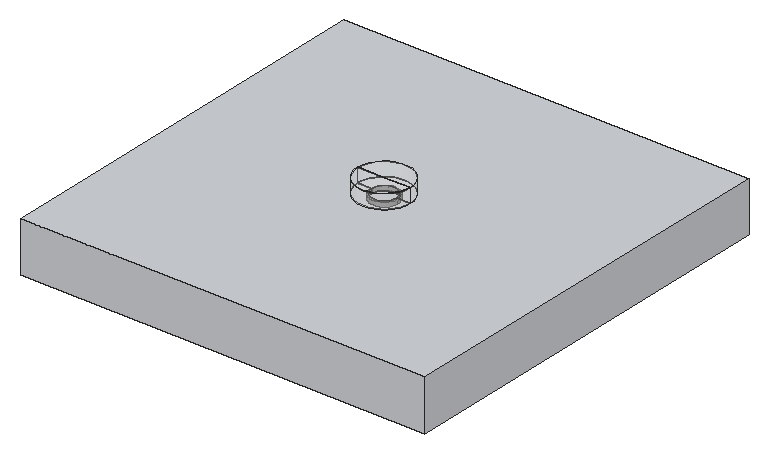
Revit family "LE_D_RE_Sicherheitsleuchte_Anbau_V1700", category Leuchten, Revit 2017
Family settings
  Basisbauteil = Fläche
  Bemaßung runder Anschluss = Durchmesser verwenden
  Teiletyp = Normal
  OmniClass-Nummer = 23.80.70.00
  OmniClass-Titel = Lighting
  Beim Laden mit Abzugskörper schneiden = Nein
  Lichtquelle = Ja
  Gemeinsam genutzt = Nein
  Raumberechnungspunkt = Nein
Parameters (values of type "Sicherheitsleuchte_LED")
  pbr_Material_KZ = ""
  pbr_Material = none
  pbr_E_Typ = ""
  pbr_E_KZ = ""
  pbr_DINBild = 0
  pbr_Bild = 0
  allgemein = no
  Zentrale [instance] = ""
  Wirkleistung [instance] = 0 W
  Wattage = 100 W
  Typ = ""
  Text3 = ""
  Text2 = ""
  Text1 = ""
  built-in parameter 1150110 = 1 (stored number, unit not read)
  built-in parameter 1150109 = 1 (stored number, unit not read)
  built-in parameter 1150134 = 4
  built-in parameter 1150113 = 1 (stored number, unit not read)
  Spannung [instance] = 0
  Scheinleistung [instance] = 0 VA
  Schaltgruppe2 [instance] = 0
  Schaltgruppe1 [instance] = 0
  Radius Lampe = 160 mm
  Planungsbüro Rohling = "www.pbr.de"
  Neigungswinkel = -90.00°
  Menge(Dosenzahl) = 1
  Linie/Anschluss [instance] = ""
  Lampentyp [instance] = ""
  LED = yes
  Kommentar zur Wattzahl [instance] = ""
  Installationsart [instance] = ""
  Info = ""
  Gewerk [instance] = "SIBEL"
  built-in parameter 1010507 = 1.5708 (stored number, unit not read)
  built-in parameter 1010506 = 0.5236 (stored number, unit not read)
  built-in parameter 1150115 = 1 (stored number, unit not read)
  built-in parameter 1150105 = 5851.2 (stored number, unit not read)
  Lastklassifizierung = Beleuchtung
  Light Source Symbol Length = 3048 mm
  built-in parameter 1150137 = 1
  built-in parameter 1150139 = (empty or 0)
  Lichtboxmaterial = Metall - Oberfläche lackiert - Dunkelgrau, matt
  built-in parameter 1150112 = 1 (stored number, unit not read)
  built-in parameter 1150114 = 1 (stored number, unit not read)
  built-in parameter 1150132 = (empty or 0)
  built-in parameter 1150102 = (empty or 0)
  built-in parameter 1150138 = (empty or 0)
  built-in parameter 1150107 = 2800 (stored number, unit not read)
  built-in parameter 1150106 = 58.512 (stored number, unit not read)
  Von Kreisdurchmesser aussenden = 248 mm  # constant formula
  Emit Shape Visible in Rendering = no
  built-in parameter 1150104 = 1.6258 (stored number, unit not read)
  Dimming Lamp Color Temperature Shift = (empty or 0)
  Diffusormaterial = Glas - Weiß, hohe Luminanz
  Lumens = 1750 lm
  built-in parameter 1114217 = 0.88 (stored number, unit not read)
  Lamp = ""
  Vorgabe-Ansicht = 1200 mm
  Color Filter = 16777215
  built-in parameter 1140040 [instance] = 1
  Spannung Vorschaltgerät = 230 V
  Phasen Vorschaltgerät = 1
  built-in parameter 1114218 = 0.88 (stored number, unit not read)
  Länge des Lichtquellensymbols = 3048 mm
  Baugruppenkennzeichen = "D5020220"
  Scheinlast = 0 VA
Types (2, lengths in mm): name | allgemein | LED
  Sicherheitsleuchte_LED | no | yes
  Sicherheitsleuchte_allg | yes | no
Reference planes
  plane 1 "Mitte (Vorne/Hinten)": y = 0
  plane 2: z = 0
  plane 3 "Mitte (Links/Rechts)": x = 0
  plane 4: z = 25.4
  plane 5: z = 114.3
  plane 6: x = -160
  plane 7: x = -156.825
  plane 8: z = 111.125
  plane 9: x = -76.2
  plane 10: x = -73.025
  plane 11: z = 28.575
Forms (mm)
  Extrusion 1, solid
    sketch origin (0, 0, 0) x (1, 0, 0) y (0, 1, 0)
      loop
        line (-1219.2, 1219.2) -> (-1219.2, -1219.2) -> (1219.2, -1219.2) -> (1219.2, 1219.2) -> (-1219.2, 1219.2)
    from 0 to -304.8
  Revolve 2, solid, material "Glas - Weiß, hohe Luminanz" <- "Diffusormaterial"
    sketch origin (0, 0, 0) x (1, 0, 0) y (0, 0, 1)
      loop
        line (0, 114.3) -> (-160, 114.3) -> (-160, 25.4) -> (-76.2, 25.4) -> (-76.2, 0) -> (-73.025, 0) -> (-73.025, 28.575) -> (-156.825, 28.575) -> (-156.825, 111.125) -> (0, 111.125) -> (0, 114.3)
      axis (0, 114.3) -> (0, 0)
    angle from 0 to 360
  Extrusion 3, solid, material "Metall - Oberfläche lackiert - Dunkelgrau, matt" <- "Lichtboxmaterial"
    sketch origin (0, 0, 0) x (1, 0, 0) y (0, 1, 0)
      loop
        circle (0, 0) r 82.55
      loop
        circle (0, 0) r 76.2
    from 0 to 25.4
Dimensions and locks
  locked: plane 4 to plane 2 at 25.4
  locked: plane 5 to plane 4 at 88.9
  "Radius Lampe": plane 3 "Mitte (Links/Rechts)" to plane 6
  locked: plane 7 to plane 6 at 3.175
  locked: plane 3 "Mitte (Links/Rechts)" to plane 9 at 76.2
  locked: plane 10 to plane 9 at 3.175
  locked: plane 5 to plane 8 at 3.175
  locked: plane 11 to plane 4 at 3.175
  aligned and locked: plane 2 to Extrusion 1
  aligned and locked: level to Extrusion 1
  aligned and locked: imposter light to plane 3 "Mitte (Links/Rechts)"
  aligned and locked: plane 1 "Mitte (Vorne/Hinten)" to imposter light
  aligned and locked: plane 1 "Mitte (Vorne/Hinten)" to Extrusion 3 sketch curve  (x2)
  aligned and locked: plane 3 "Mitte (Links/Rechts)" to Extrusion 3 sketch curve  (x2)
  aligned and locked: plane 4 to Extrusion 3
  aligned and locked: Extrusion 3 to plane 2
  aligned and locked: Revolve 2 to plane 5
  aligned and locked: Revolve 2 to plane 2
  aligned and locked: imposter light to plane 4
  aligned and locked: plane 3 "Mitte (Links/Rechts)" to nested 2
  aligned and locked: plane 1 "Mitte (Vorne/Hinten)" to nested 2
  aligned and locked: plane 3 "Mitte (Links/Rechts)" to nested 1
  aligned and locked: plane 1 "Mitte (Vorne/Hinten)" to nested 1
Automatic sketch dimensions
  Extrusion 1 sketch curve to Extrusion 1 sketch curve = 2438.4 mm  (x2)
  Revolve 2 sketch curve to plane 5 = 0 mm
  Revolve 2 sketch curve to plane 6 = 0 mm
  Revolve 2 sketch curve to plane 7 = 0 mm
  Revolve 2 sketch curve to level = 0 mm
  Revolve 2 sketch curve to plane 9 = 0 mm
  Revolve 2 sketch curve to plane 10 = 0 mm
  Revolve 2 sketch curve to plane 3 "Mitte (Links/Rechts)" = 0 mm  (x2)
  Revolve 2 sketch curve to plane 4 = 0 mm  (x2)
  Revolve 2 sketch curve to plane 11 = 0 mm
  Revolve 2 sketch curve to plane 8 = 0 mm  (x2)
  radius of Extrusion 3 sketch curve = 82.55 mm
  radius of Extrusion 3 sketch curve = 76.2 mm
Nested families
  nested 1: "Sicherheitsleuchte allgemein" at (0, 0, 0), visible <- "allgemein", type "Sicherheitsleuchte allgemein"
    with Zentrale "", Wirkungsgrad 0 lm/W, Watt 0 W, Spannung 0, Scheinleistung 0 VA, Schaltgruppe2 0, Schaltgruppe1 0, Lastklassifizierung none, Lampentyp "", Kommentar zur Wattzahl "", Installationsart ""
  nested 2: "Sicherheitsleuchte LED" at (0, 0, 0), visible <- "LED", type "Sicherheitsleuchte LED"
    with Zentrale "", Wirkungsgrad 0 lm/W, Watt 0 W, Spannung 0, Scheinleistung 0 VA, Schaltgruppe2 0, Schaltgruppe1 0, Lastklassifizierung none, Lampentyp "", Kommentar zur Wattzahl "", Installationsart ""
Connectors
  electrical at (0, 0, 114.3), driven by "Spannung Vorschaltgerät", driven by "Phasen Vorschaltgerät", driven by "Scheinlast", driven by "Lastklassifizierung"
    settings: on Revolve 2, index 1, voltage 230 V, apparent load 0 VA, apparent load phase1 0 VA, apparent load phase2 0 VA, apparent load phase3 0 VA, power factor 1, load classification "Beleuchtung", number of poles 1, system type 30, power factor state 1, is connector primary yes, connector utility no, sub classification motor no, connector description ""
Definition of nested family "Sicherheitsleuchte allgemein"
  Parameters (values of type "Sicherheitsleuchte allgemein")
    pbr_Material_KZ = ""
    pbr_Material = none
    pbr_E_Typ = ""
    pbr_E_KZ = ""
    pbr_DINBild = 0
    pbr_Bild = 0
    Zentrale [instance] = ""
    Wirkungsgrad [instance] = 0 lm/W
    Watt [instance] = 0 W
    Typ = ""
    Text3 = ""
    Text2 = ""
    Text1 = ""
    Spannung [instance] = 0
    Sicherhheitsleuchte = yes
    Sicherheitsleuchte LED = yes
    Scheinleistung [instance] = 0 VA
    Schaltgruppe2 [instance] = 0
    Schaltgruppe1 [instance] = 0
    Planungsbüro Rohling = "www.pbr.de"
    Menge(Dosenzahl) = 1
    Lastklassifizierung [instance] = none
    Lampentyp [instance] = ""
    Kommentar zur Wattzahl [instance] = ""
    Installationsart [instance] = ""
    Info = ""
    Gewerk = "Beleuchtung"
    Breite = 320 mm
    Abstand Pukt = 88.357 mm
  Reference planes
    plane 1 "Mitte (Vorne/Hinten)": y = 0
    plane 2: z = 0
    plane 3 "Mitte (Links/Rechts)": x = 0
    plane 4: x = -88.357
    plane 5: x = 88.357
    plane 6: x = -160
    plane 7: x = 160
    plane 8: y = -160
    plane 9: y = 160
  Lines and regions (mm)
    Filled region 1, type "Flächenfüllung Schwarz", in view "Referenzebene"
      outline origin (0, 0, 0) x (1, 0, 0) y (0, 1, 0)
        loop
          circle (-88.357, 0) r 15
    Filled region 2, type "Flächenfüllung Schwarz", in view "Referenzebene"
      outline origin (88.357, 0, 0) x (1, 0, 0) y (0, 1, 0)
        loop
          circle (-88.357, 0) r 15
    Filled region 3, type "Flächenfüllung Schwarz", in view "Referenzebene"
      outline origin (176.713, 0, 0) x (1, 0, 0) y (0, 1, 0)
        loop
          circle (-88.357, 0) r 15
    detail lines, in view "Referenzebene"
      curve 1: line (-160, 160, 0) -> (-160, -160, 0)
      curve 2: line (-160, -160, 0) -> (160, -160, 0)
      curve 3: line (160, -160, 0) -> (160, 160, 0)
      curve 4: line (160, 160, 0) -> (-160, 160, 0)
      curve 5: line (-160, 160, 0) -> (-160, -160, 0)
      curve 6: line (-160, -160, 0) -> (160, -160, 0)
      curve 7: line (160, -160, 0) -> (160, 160, 0)
      curve 8: line (160, 160, 0) -> (-160, 160, 0)
  Dimensions and locks
    equal spacing: plane 4, plane 3 "Mitte (Links/Rechts)", plane 5
    "Abstand Pukt": plane 4 to plane 3 "Mitte (Links/Rechts)"
    "Breite": plane 6 to plane 7
    equal spacing: plane 6, plane 3 "Mitte (Links/Rechts)", plane 7
    equal spacing: plane 9, plane 1 "Mitte (Vorne/Hinten)", plane 8
    "Breite": plane 9 to plane 8
    aligned and locked: plane 7 to curve 3
    aligned and locked: curve 5 to plane 6
    aligned and locked: curve 6 to plane 8
    aligned and locked: plane 9 to curve 8
  Automatic sketch dimensions
    plane 1 "Mitte (Vorne/Hinten)" to Filled region 1 sketch curve = 0 mm
    Filled region 1 sketch curve to plane 4 = 0 mm
    plane 1 "Mitte (Vorne/Hinten)" to Filled region 2 sketch curve = 0 mm
    Filled region 2 sketch curve to plane 3 "Mitte (Links/Rechts)" = 0 mm
    plane 1 "Mitte (Vorne/Hinten)" to Filled region 3 sketch curve = 0 mm
    Filled region 3 sketch curve to plane 5 = 0 mm
    radius of Filled region 1 sketch curve = 15 mm
    radius of Filled region 2 sketch curve = 15 mm
    radius of Filled region 3 sketch curve = 15 mm
Definition of nested family "Sicherheitsleuchte LED"
  Parameters (values of type "Sicherheitsleuchte LED")
    pbr_Material_KZ = ""
    pbr_Material = none
    pbr_E_Typ = ""
    pbr_E_KZ = ""
    pbr_DINBild = 0
    pbr_Bild = 0
    Zentrale [instance] = ""
    Wirkungsgrad [instance] = 0 lm/W
    Watt [instance] = 0 W
    Typ = ""
    Text3 = ""
    Text2 = ""
    Text1 = ""
    Spannung [instance] = 0
    Sicherhheitsleuchte = yes
    Sicherheitsleuchte LED = yes
    Scheinleistung [instance] = 0 VA
    Schaltgruppe2 [instance] = 0
    Schaltgruppe1 [instance] = 0
    Planungsbüro Rohling = "www.pbr.de"
    Menge(Dosenzahl) = 1
    Lastklassifizierung [instance] = none
    Lampentyp [instance] = ""
    Kommentar zur Wattzahl [instance] = ""
    Installationsart [instance] = ""
    Info = ""
    Gewerk = "Beleuchtung"
    Breite = 320 mm
    Abstand Pukt = 88.357 mm
  Reference planes
    plane 1 "Mitte (Vorne/Hinten)": y = 0
    plane 2: z = 0
    plane 3 "Mitte (Links/Rechts)": x = 0
    plane 4: x = -88.357
    plane 5: x = 88.357
    plane 6: x = -160
    plane 7: x = 160
    plane 8: y = -160
    plane 9: y = 160
  Lines and regions (mm)
    Filled region 1, type "Flächenfüllung Schwarz", in view "Referenzebene"
      outline origin (0, 0, 0) x (1, 0, 0) y (0, 1, 0)
        loop
          circle (0, 0) r 30
    detail lines, in view "Referenzebene"
      curve 1: line (-160, 160, 0) -> (-160, -160, 0)
      curve 2: line (-160, -160, 0) -> (160, -160, 0)
      curve 3: line (160, -160, 0) -> (160, 160, 0)
      curve 4: line (160, 160, 0) -> (-160, 160, 0)
      curve 5: line (-160, 160, 0) -> (-160, -160, 0)
      curve 6: line (-160, -160, 0) -> (160, -160, 0)
      curve 7: line (160, -160, 0) -> (160, 160, 0)
      curve 8: line (160, 160, 0) -> (-160, 160, 0)
    detail lines, in view "Referenzebene", visible <- "Sicherheitsleuchte LED"
      curve 9: line (-160, 160, 0) -> (160, -160, 0)
      curve 10: line (-160, -160, 0) -> (160, 160, 0)
  Dimensions and locks
    equal spacing: plane 4, plane 3 "Mitte (Links/Rechts)", plane 5
    "Abstand Pukt": plane 4 to plane 3 "Mitte (Links/Rechts)"
    "Breite": plane 6 to plane 7
    equal spacing: plane 6, plane 3 "Mitte (Links/Rechts)", plane 7
    equal spacing: plane 9, plane 1 "Mitte (Vorne/Hinten)", plane 8
    "Breite": plane 9 to plane 8
    aligned and locked: plane 7 to curve 3
    aligned and locked: curve 5 to plane 6
    aligned and locked: curve 6 to plane 8
    aligned and locked: plane 9 to curve 8
    aligned and locked: curve 9 to curve 1
    aligned and locked: curve 9 to curve 3
    aligned and locked: curve 1 to curve 10
    aligned and locked: curve 3 to curve 10
  Automatic sketch dimensions
    curve 9 to plane 8 = 0 mm
    curve 10 to plane 8 = 0 mm
    curve 10 to plane 9 = 0 mm
    curve 9 to plane 9 = 0 mm
    plane 1 "Mitte (Vorne/Hinten)" to Filled region 1 sketch curve = 0 mm
    Filled region 1 sketch curve to plane 3 "Mitte (Links/Rechts)" = 0 mm
    radius of Filled region 1 sketch curve = 30 mm
